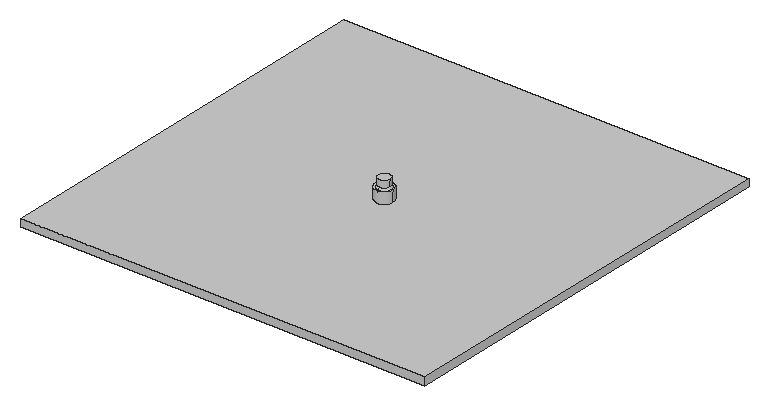
Revit family "SG0086523061CW", category Aparatos sanitarios, Revit 2019 (continued)
Forms (mm)
  Extrusion 1453, solid, material "Bronce" <- "Bronce"
    sketch origin (275, -575, 2438.4) x (1, 0, 0) y (0, 1, 0)
      loop
        circle (-375, 375) r 0.896
    from -53.558 to -53.305
  Extrusion 1454, solid, material "Bronce" <- "Bronce"
    sketch origin (261.097, -561.426, 2438.4) x (1, 0, 0) y (0, 1, 0)
      loop
        circle (-336.097, 361.426) r 1
    from -53.305 to -53
  Extrusion 1455, solid, material "Bronce" <- "Bronce"
    sketch origin (300, -575, 2438.4) x (1, 0, 0) y (0, 1, 0)
      loop
        circle (-375, 375) r 0.896
    from -53.558 to -53.305
  Extrusion 1456, solid, material "Bronce" <- "Bronce"
    sketch origin (286.097, -561.426, 2438.4) x (1, 0, 0) y (0, 1, 0)
      loop
        circle (-336.097, 361.426) r 1
    from -53.305 to -53
  Extrusion 1457, solid, material "Bronce" <- "Bronce"
    sketch origin (325, -575, 2438.4) x (1, 0, 0) y (0, 1, 0)
      loop
        circle (-375, 375) r 0.896
    from -53.558 to -53.305
  Extrusion 1458, solid, material "Bronce" <- "Bronce"
    sketch origin (311.097, -561.426, 2438.4) x (1, 0, 0) y (0, 1, 0)
      loop
        circle (-336.097, 361.426) r 1
    from -53.305 to -53
  Extrusion 1459, solid, material "Bronce" <- "Bronce"
    sketch origin (350, -575, 2438.4) x (1, 0, 0) y (0, 1, 0)
      loop
        circle (-375, 375) r 0.896
    from -53.558 to -53.305
  Extrusion 1460, solid, material "Bronce" <- "Bronce"
    sketch origin (336.097, -561.426, 2438.4) x (1, 0, 0) y (0, 1, 0)
      loop
        circle (-336.097, 361.426) r 1
    from -53.305 to -53
  Extrusion 1461, solid, material "Bronce" <- "Bronce"
    sketch origin (375, -575, 2438.4) x (1, 0, 0) y (0, 1, 0)
      loop
        circle (-375, 375) r 0.896
    from -53.558 to -53.305
  Extrusion 1462, solid, material "Bronce" <- "Bronce"
    sketch origin (361.097, -561.426, 2438.4) x (1, 0, 0) y (0, 1, 0)
      loop
        circle (-336.097, 361.426) r 1
    from -53.305 to -53
  Extrusion 1463, solid, material "Bronce" <- "Bronce"
    sketch origin (400, -575, 2438.4) x (1, 0, 0) y (0, 1, 0)
      loop
        circle (-375, 375) r 0.896
    from -53.558 to -53.305
  Extrusion 1464, solid, material "Bronce" <- "Bronce"
    sketch origin (386.097, -561.426, 2438.4) x (1, 0, 0) y (0, 1, 0)
      loop
        circle (-336.097, 361.426) r 1
    from -53.305 to -53
  Extrusion 1465, solid, material "Bronce" <- "Bronce"
    sketch origin (425, -575, 2438.4) x (1, 0, 0) y (0, 1, 0)
      loop
        circle (-375, 375) r 0.896
    from -53.558 to -53.305
  Extrusion 1466, solid, material "Bronce" <- "Bronce"
    sketch origin (411.097, -561.426, 2438.4) x (1, 0, 0) y (0, 1, 0)
      loop
        circle (-336.097, 361.426) r 1
    from -53.305 to -53
  Extrusion 1467, solid, material "Bronce" <- "Bronce"
    sketch origin (450, -575, 2438.4) x (1, 0, 0) y (0, 1, 0)
      loop
        circle (-375, 375) r 0.896
    from -53.558 to -53.305
  Extrusion 1468, solid, material "Bronce" <- "Bronce"
    sketch origin (436.097, -561.426, 2438.4) x (1, 0, 0) y (0, 1, 0)
      loop
        circle (-336.097, 361.426) r 1
    from -53.305 to -53
  Extrusion 1469, solid, material "Bronce" <- "Bronce"
    sketch origin (475, -575, 2438.4) x (1, 0, 0) y (0, 1, 0)
      loop
        circle (-375, 375) r 0.896
    from -53.558 to -53.305
  Extrusion 1470, solid, material "Bronce" <- "Bronce"
    sketch origin (461.097, -561.426, 2438.4) x (1, 0, 0) y (0, 1, 0)
      loop
        circle (-336.097, 361.426) r 1
    from -53.305 to -53
  Extrusion 1471, solid, material "Bronce" <- "Bronce"
    sketch origin (500, -575, 2438.4) x (1, 0, 0) y (0, 1, 0)
      loop
        circle (-375, 375) r 0.896
    from -53.558 to -53.305
  Extrusion 1472, solid, material "Bronce" <- "Bronce"
    sketch origin (486.097, -561.426, 2438.4) x (1, 0, 0) y (0, 1, 0)
      loop
        circle (-336.097, 361.426) r 1
    from -53.305 to -53
  Extrusion 1473, solid, material "Bronce" <- "Bronce"
    sketch origin (525, -575, 2438.4) x (1, 0, 0) y (0, 1, 0)
      loop
        circle (-375, 375) r 0.896
    from -53.558 to -53.305
  Extrusion 1474, solid, material "Bronce" <- "Bronce"
    sketch origin (511.097, -561.426, 2438.4) x (1, 0, 0) y (0, 1, 0)
      loop
        circle (-336.097, 361.426) r 1
    from -53.305 to -53
  Extrusion 1475, solid, material "Bronce" <- "Bronce"
    sketch origin (550, -575, 2438.4) x (1, 0, 0) y (0, 1, 0)
      loop
        circle (-375, 375) r 0.896
    from -53.558 to -53.305
  Extrusion 1476, solid, material "Bronce" <- "Bronce"
    sketch origin (536.097, -561.426, 2438.4) x (1, 0, 0) y (0, 1, 0)
      loop
        circle (-336.097, 361.426) r 1
    from -53.305 to -53
  Extrusion 1477, solid, material "Bronce" <- "Bronce"
    sketch origin (575, -575, 2438.4) x (1, 0, 0) y (0, 1, 0)
      loop
        circle (-375, 375) r 0.896
    from -53.558 to -53.305
  Extrusion 1478, solid, material "Bronce" <- "Bronce"
    sketch origin (561.097, -561.426, 2438.4) x (1, 0, 0) y (0, 1, 0)
      loop
        circle (-336.097, 361.426) r 1
    from -53.305 to -53
  Extrusion 1479, solid, material "Bronce" <- "Bronce"
    sketch origin (600, -575, 2438.4) x (1, 0, 0) y (0, 1, 0)
      loop
        circle (-375, 375) r 0.896
    from -53.558 to -53.305
  Extrusion 1480, solid, material "Bronce" <- "Bronce"
    sketch origin (586.097, -561.426, 2438.4) x (1, 0, 0) y (0, 1, 0)
      loop
        circle (-336.097, 361.426) r 1
    from -53.305 to -53
  Extrusion 1481, solid, material "Bronce" <- "Bronce"
    sketch origin (625, -575, 2438.4) x (1, 0, 0) y (0, 1, 0)
      loop
        circle (-375, 375) r 0.896
    from -53.558 to -53.305
  Extrusion 1482, solid, material "Bronce" <- "Bronce"
    sketch origin (611.097, -561.426, 2438.4) x (1, 0, 0) y (0, 1, 0)
      loop
        circle (-336.097, 361.426) r 1
    from -53.305 to -53
  Extrusion 1483, solid, material "Bronce" <- "Bronce"
    sketch origin (650, -575, 2438.4) x (1, 0, 0) y (0, 1, 0)
      loop
        circle (-375, 375) r 0.896
    from -53.558 to -53.305
  Extrusion 1484, solid, material "Bronce" <- "Bronce"
    sketch origin (636.097, -561.426, 2438.4) x (1, 0, 0) y (0, 1, 0)
      loop
        circle (-336.097, 361.426) r 1
    from -53.305 to -53
  Extrusion 1485, solid, material "Bronce" <- "Bronce"
    sketch origin (675, -575, 2438.4) x (1, 0, 0) y (0, 1, 0)
      loop
        circle (-375, 375) r 0.896
    from -53.558 to -53.305
  Extrusion 1486, solid, material "Bronce" <- "Bronce"
    sketch origin (661.097, -561.426, 2438.4) x (1, 0, 0) y (0, 1, 0)
      loop
        circle (-336.097, 361.426) r 1
    from -53.305 to -53
  Extrusion 1487, solid, material "Bronce" <- "Bronce"
    sketch origin (700, -575, 2438.4) x (1, 0, 0) y (0, 1, 0)
      loop
        circle (-375, 375) r 0.896
    from -53.558 to -53.305
  Extrusion 1488, solid, material "Bronce" <- "Bronce"
    sketch origin (686.097, -561.426, 2438.4) x (1, 0, 0) y (0, 1, 0)
      loop
        circle (-336.097, 361.426) r 1
    from -53.305 to -53
  Extrusion 1489, solid, material "Bronce" <- "Bronce"
    sketch origin (725, -575, 2438.4) x (1, 0, 0) y (0, 1, 0)
      loop
        circle (-375, 375) r 0.896
    from -53.558 to -53.305
  Extrusion 1490, solid, material "Bronce" <- "Bronce"
    sketch origin (711.097, -561.426, 2438.4) x (1, 0, 0) y (0, 1, 0)
      loop
        circle (-336.097, 361.426) r 1
    from -53.305 to -53
  Extrusion 1491, solid, material "Bronce" <- "Bronce"
    sketch origin (750, -575, 2438.4) x (1, 0, 0) y (0, 1, 0)
      loop
        circle (-375, 375) r 0.896
    from -53.558 to -53.305
  Extrusion 1492, solid, material "Bronce" <- "Bronce"
    sketch origin (-38.903, -586.426, 2438.4) x (1, 0, 0) y (0, 1, 0)
      loop
        circle (-336.097, 361.426) r 1
    from -53.305 to -53
  Extrusion 1493, solid, material "Bronce" <- "Bronce"
    sketch origin (0, -600, 2438.4) x (1, 0, 0) y (0, 1, 0)
      loop
        circle (-375, 375) r 0.896
    from -53.558 to -53.305
  Extrusion 1494, solid, material "Bronce" <- "Bronce"
    sketch origin (-13.903, -586.426, 2438.4) x (1, 0, 0) y (0, 1, 0)
      loop
        circle (-336.097, 361.426) r 1
    from -53.305 to -53
  Extrusion 1495, solid, material "Bronce" <- "Bronce"
    sketch origin (25, -600, 2438.4) x (1, 0, 0) y (0, 1, 0)
      loop
        circle (-375, 375) r 0.896
    from -53.558 to -53.305
  Extrusion 1496, solid, material "Bronce" <- "Bronce"
    sketch origin (11.097, -586.426, 2438.4) x (1, 0, 0) y (0, 1, 0)
      loop
        circle (-336.097, 361.426) r 1
    from -53.305 to -53
  Extrusion 1497, solid, material "Bronce" <- "Bronce"
    sketch origin (50, -600, 2438.4) x (1, 0, 0) y (0, 1, 0)
      loop
        circle (-375, 375) r 0.896
    from -53.558 to -53.305
  Extrusion 1498, solid, material "Bronce" <- "Bronce"
    sketch origin (36.097, -586.426, 2438.4) x (1, 0, 0) y (0, 1, 0)
      loop
        circle (-336.097, 361.426) r 1
    from -53.305 to -53
  Extrusion 1499, solid, material "Bronce" <- "Bronce"
    sketch origin (75, -600, 2438.4) x (1, 0, 0) y (0, 1, 0)
      loop
        circle (-375, 375) r 0.896
    from -53.558 to -53.305
  Extrusion 1500, solid, material "Bronce" <- "Bronce"
    sketch origin (61.097, -586.426, 2438.4) x (1, 0, 0) y (0, 1, 0)
      loop
        circle (-336.097, 361.426) r 1
    from -53.305 to -53
  Extrusion 1501, solid, material "Bronce" <- "Bronce"
    sketch origin (100, -600, 2438.4) x (1, 0, 0) y (0, 1, 0)
      loop
        circle (-375, 375) r 0.896
    from -53.558 to -53.305
  Extrusion 1502, solid, material "Bronce" <- "Bronce"
    sketch origin (86.097, -586.426, 2438.4) x (1, 0, 0) y (0, 1, 0)
      loop
        circle (-336.097, 361.426) r 1
    from -53.305 to -53
  Extrusion 1503, solid, material "Bronce" <- "Bronce"
    sketch origin (125, -600, 2438.4) x (1, 0, 0) y (0, 1, 0)
      loop
        circle (-375, 375) r 0.896
    from -53.558 to -53.305
  Extrusion 1504, solid, material "Bronce" <- "Bronce"
    sketch origin (111.097, -586.426, 2438.4) x (1, 0, 0) y (0, 1, 0)
      loop
        circle (-336.097, 361.426) r 1
    from -53.305 to -53
  Extrusion 1505, solid, material "Bronce" <- "Bronce"
    sketch origin (150, -600, 2438.4) x (1, 0, 0) y (0, 1, 0)
      loop
        circle (-375, 375) r 0.896
    from -53.558 to -53.305
  Extrusion 1506, solid, material "Bronce" <- "Bronce"
    sketch origin (136.097, -586.426, 2438.4) x (1, 0, 0) y (0, 1, 0)
      loop
        circle (-336.097, 361.426) r 1
    from -53.305 to -53
  Extrusion 1507, solid, material "Bronce" <- "Bronce"
    sketch origin (175, -600, 2438.4) x (1, 0, 0) y (0, 1, 0)
      loop
        circle (-375, 375) r 0.896
    from -53.558 to -53.305
  Extrusion 1508, solid, material "Bronce" <- "Bronce"
    sketch origin (161.097, -586.426, 2438.4) x (1, 0, 0) y (0, 1, 0)
      loop
        circle (-336.097, 361.426) r 1
    from -53.305 to -53
  Extrusion 1509, solid, material "Bronce" <- "Bronce"
    sketch origin (200, -600, 2438.4) x (1, 0, 0) y (0, 1, 0)
      loop
        circle (-375, 375) r 0.896
    from -53.558 to -53.305
  Extrusion 1510, solid, material "Bronce" <- "Bronce"
    sketch origin (186.097, -586.426, 2438.4) x (1, 0, 0) y (0, 1, 0)
      loop
        circle (-336.097, 361.426) r 1
    from -53.305 to -53
  Extrusion 1511, solid, material "Bronce" <- "Bronce"
    sketch origin (225, -600, 2438.4) x (1, 0, 0) y (0, 1, 0)
      loop
        circle (-375, 375) r 0.896
    from -53.558 to -53.305
  Extrusion 1512, solid, material "Bronce" <- "Bronce"
    sketch origin (211.097, -586.426, 2438.4) x (1, 0, 0) y (0, 1, 0)
      loop
        circle (-336.097, 361.426) r 1
    from -53.305 to -53
  Extrusion 1513, solid, material "Bronce" <- "Bronce"
    sketch origin (250, -600, 2438.4) x (1, 0, 0) y (0, 1, 0)
      loop
        circle (-375, 375) r 0.896
    from -53.558 to -53.305
  Extrusion 1514, solid, material "Bronce" <- "Bronce"
    sketch origin (236.097, -586.426, 2438.4) x (1, 0, 0) y (0, 1, 0)
      loop
        circle (-336.097, 361.426) r 1
    from -53.305 to -53
  Extrusion 1515, solid, material "Bronce" <- "Bronce"
    sketch origin (275, -600, 2438.4) x (1, 0, 0) y (0, 1, 0)
      loop
        circle (-375, 375) r 0.896
    from -53.558 to -53.305
  Extrusion 1516, solid, material "Bronce" <- "Bronce"
    sketch origin (261.097, -586.426, 2438.4) x (1, 0, 0) y (0, 1, 0)
      loop
        circle (-336.097, 361.426) r 1
    from -53.305 to -53
  Extrusion 1517, solid, material "Bronce" <- "Bronce"
    sketch origin (300, -600, 2438.4) x (1, 0, 0) y (0, 1, 0)
      loop
        circle (-375, 375) r 0.896
    from -53.558 to -53.305
  Extrusion 1518, solid, material "Bronce" <- "Bronce"
    sketch origin (286.097, -586.426, 2438.4) x (1, 0, 0) y (0, 1, 0)
      loop
        circle (-336.097, 361.426) r 1
    from -53.305 to -53
  Extrusion 1519, solid, material "Bronce" <- "Bronce"
    sketch origin (325, -600, 2438.4) x (1, 0, 0) y (0, 1, 0)
      loop
        circle (-375, 375) r 0.896
    from -53.558 to -53.305
  Extrusion 1520, solid, material "Bronce" <- "Bronce"
    sketch origin (311.097, -586.426, 2438.4) x (1, 0, 0) y (0, 1, 0)
      loop
        circle (-336.097, 361.426) r 1
    from -53.305 to -53
  Extrusion 1521, solid, material "Bronce" <- "Bronce"
    sketch origin (350, -600, 2438.4) x (1, 0, 0) y (0, 1, 0)
      loop
        circle (-375, 375) r 0.896
    from -53.558 to -53.305
  Extrusion 1522, solid, material "Bronce" <- "Bronce"
    sketch origin (336.097, -586.426, 2438.4) x (1, 0, 0) y (0, 1, 0)
      loop
        circle (-336.097, 361.426) r 1
    from -53.305 to -53
  Extrusion 1523, solid, material "Bronce" <- "Bronce"
    sketch origin (375, -600, 2438.4) x (1, 0, 0) y (0, 1, 0)
      loop
        circle (-375, 375) r 0.896
    from -53.558 to -53.305
  Extrusion 1524, solid, material "Bronce" <- "Bronce"
    sketch origin (361.097, -586.426, 2438.4) x (1, 0, 0) y (0, 1, 0)
      loop
        circle (-336.097, 361.426) r 1
    from -53.305 to -53
  Extrusion 1525, solid, material "Bronce" <- "Bronce"
    sketch origin (400, -600, 2438.4) x (1, 0, 0) y (0, 1, 0)
      loop
        circle (-375, 375) r 0.896
    from -53.558 to -53.305
  Extrusion 1526, solid, material "Bronce" <- "Bronce"
    sketch origin (386.097, -586.426, 2438.4) x (1, 0, 0) y (0, 1, 0)
      loop
        circle (-336.097, 361.426) r 1
    from -53.305 to -53
  Extrusion 1527, solid, material "Bronce" <- "Bronce"
    sketch origin (425, -600, 2438.4) x (1, 0, 0) y (0, 1, 0)
      loop
        circle (-375, 375) r 0.896
    from -53.558 to -53.305
  Extrusion 1528, solid, material "Bronce" <- "Bronce"
    sketch origin (411.097, -586.426, 2438.4) x (1, 0, 0) y (0, 1, 0)
      loop
        circle (-336.097, 361.426) r 1
    from -53.305 to -53
  Extrusion 1529, solid, material "Bronce" <- "Bronce"
    sketch origin (450, -600, 2438.4) x (1, 0, 0) y (0, 1, 0)
      loop
        circle (-375, 375) r 0.896
    from -53.558 to -53.305
  Extrusion 1530, solid, material "Bronce" <- "Bronce"
    sketch origin (436.097, -586.426, 2438.4) x (1, 0, 0) y (0, 1, 0)
      loop
        circle (-336.097, 361.426) r 1
    from -53.305 to -53
  Extrusion 1531, solid, material "Bronce" <- "Bronce"
    sketch origin (475, -600, 2438.4) x (1, 0, 0) y (0, 1, 0)
      loop
        circle (-375, 375) r 0.896
    from -53.558 to -53.305
  Extrusion 1532, solid, material "Bronce" <- "Bronce"
    sketch origin (461.097, -586.426, 2438.4) x (1, 0, 0) y (0, 1, 0)
      loop
        circle (-336.097, 361.426) r 1
    from -53.305 to -53
  Extrusion 1533, solid, material "Bronce" <- "Bronce"
    sketch origin (500, -600, 2438.4) x (1, 0, 0) y (0, 1, 0)
      loop
        circle (-375, 375) r 0.896
    from -53.558 to -53.305
  Extrusion 1534, solid, material "Bronce" <- "Bronce"
    sketch origin (486.097, -586.426, 2438.4) x (1, 0, 0) y (0, 1, 0)
      loop
        circle (-336.097, 361.426) r 1
    from -53.305 to -53
  Extrusion 1535, solid, material "Bronce" <- "Bronce"
    sketch origin (525, -600, 2438.4) x (1, 0, 0) y (0, 1, 0)
      loop
        circle (-375, 375) r 0.896
    from -53.558 to -53.305
  Extrusion 1536, solid, material "Bronce" <- "Bronce"
    sketch origin (511.097, -586.426, 2438.4) x (1, 0, 0) y (0, 1, 0)
      loop
        circle (-336.097, 361.426) r 1
    from -53.305 to -53
  Extrusion 1537, solid, material "Bronce" <- "Bronce"
    sketch origin (550, -600, 2438.4) x (1, 0, 0) y (0, 1, 0)
      loop
        circle (-375, 375) r 0.896
    from -53.558 to -53.305
  Extrusion 1538, solid, material "Bronce" <- "Bronce"
    sketch origin (536.097, -586.426, 2438.4) x (1, 0, 0) y (0, 1, 0)
      loop
        circle (-336.097, 361.426) r 1
    from -53.305 to -53
  Extrusion 1539, solid, material "Bronce" <- "Bronce"
    sketch origin (575, -600, 2438.4) x (1, 0, 0) y (0, 1, 0)
      loop
        circle (-375, 375) r 0.896
    from -53.558 to -53.305
  Extrusion 1540, solid, material "Bronce" <- "Bronce"
    sketch origin (561.097, -586.426, 2438.4) x (1, 0, 0) y (0, 1, 0)
      loop
        circle (-336.097, 361.426) r 1
    from -53.305 to -53
  Extrusion 1541, solid, material "Bronce" <- "Bronce"
    sketch origin (600, -600, 2438.4) x (1, 0, 0) y (0, 1, 0)
      loop
        circle (-375, 375) r 0.896
    from -53.558 to -53.305
  Extrusion 1542, solid, material "Bronce" <- "Bronce"
    sketch origin (586.097, -586.426, 2438.4) x (1, 0, 0) y (0, 1, 0)
      loop
        circle (-336.097, 361.426) r 1
    from -53.305 to -53
  Extrusion 1543, solid, material "Bronce" <- "Bronce"
    sketch origin (625, -600, 2438.4) x (1, 0, 0) y (0, 1, 0)
      loop
        circle (-375, 375) r 0.896
    from -53.558 to -53.305
  Extrusion 1544, solid, material "Bronce" <- "Bronce"
    sketch origin (611.097, -586.426, 2438.4) x (1, 0, 0) y (0, 1, 0)
      loop
        circle (-336.097, 361.426) r 1
    from -53.305 to -53
  Extrusion 1545, solid, material "Bronce" <- "Bronce"
    sketch origin (650, -600, 2438.4) x (1, 0, 0) y (0, 1, 0)
      loop
        circle (-375, 375) r 0.896
    from -53.558 to -53.305
  Extrusion 1546, solid, material "Bronce" <- "Bronce"
    sketch origin (636.097, -586.426, 2438.4) x (1, 0, 0) y (0, 1, 0)
      loop
        circle (-336.097, 361.426) r 1
    from -53.305 to -53
  Extrusion 1547, solid, material "Bronce" <- "Bronce"
    sketch origin (675, -600, 2438.4) x (1, 0, 0) y (0, 1, 0)
      loop
        circle (-375, 375) r 0.896
    from -53.558 to -53.305
  Extrusion 1548, solid, material "Bronce" <- "Bronce"
    sketch origin (661.097, -586.426, 2438.4) x (1, 0, 0) y (0, 1, 0)
      loop
        circle (-336.097, 361.426) r 1
    from -53.305 to -53
  Extrusion 1549, solid, material "Bronce" <- "Bronce"
    sketch origin (700, -600, 2438.4) x (1, 0, 0) y (0, 1, 0)
      loop
        circle (-375, 375) r 0.896
    from -53.558 to -53.305
  Extrusion 1550, solid, material "Bronce" <- "Bronce"
    sketch origin (686.097, -586.426, 2438.4) x (1, 0, 0) y (0, 1, 0)
      loop
        circle (-336.097, 361.426) r 1
    from -53.305 to -53
  Extrusion 1551, solid, material "Bronce" <- "Bronce"
    sketch origin (725, -600, 2438.4) x (1, 0, 0) y (0, 1, 0)
      loop
        circle (-375, 375) r 0.896
    from -53.558 to -53.305
  Extrusion 1552, solid, material "Bronce" <- "Bronce"
    sketch origin (711.097, -586.426, 2438.4) x (1, 0, 0) y (0, 1, 0)
      loop
        circle (-336.097, 361.426) r 1
    from -53.305 to -53
  Extrusion 1553, solid, material "Bronce" <- "Bronce"
    sketch origin (750, -600, 2438.4) x (1, 0, 0) y (0, 1, 0)
      loop
        circle (-375, 375) r 0.896
    from -53.558 to -53.305
  Extrusion 1554, solid, material "Bronce" <- "Bronce"
    sketch origin (-38.903, -611.426, 2438.4) x (1, 0, 0) y (0, 1, 0)
      loop
        circle (-336.097, 361.426) r 1
    from -53.305 to -53
  Extrusion 1555, solid, material "Bronce" <- "Bronce"
    sketch origin (0, -625, 2438.4) x (1, 0, 0) y (0, 1, 0)
      loop
        circle (-375, 375) r 0.896
    from -53.558 to -53.305
  Extrusion 1556, solid, material "Bronce" <- "Bronce"
    sketch origin (-13.903, -611.426, 2438.4) x (1, 0, 0) y (0, 1, 0)
      loop
        circle (-336.097, 361.426) r 1
    from -53.305 to -53
  Extrusion 1557, solid, material "Bronce" <- "Bronce"
    sketch origin (25, -625, 2438.4) x (1, 0, 0) y (0, 1, 0)
      loop
        circle (-375, 375) r 0.896
    from -53.558 to -53.305
  Extrusion 1558, solid, material "Bronce" <- "Bronce"
    sketch origin (11.097, -611.426, 2438.4) x (1, 0, 0) y (0, 1, 0)
      loop
        circle (-336.097, 361.426) r 1
    from -53.305 to -53
  Extrusion 1559, solid, material "Bronce" <- "Bronce"
    sketch origin (50, -625, 2438.4) x (1, 0, 0) y (0, 1, 0)
      loop
        circle (-375, 375) r 0.896
    from -53.558 to -53.305
  Extrusion 1560, solid, material "Bronce" <- "Bronce"
    sketch origin (36.097, -611.426, 2438.4) x (1, 0, 0) y (0, 1, 0)
      loop
        circle (-336.097, 361.426) r 1
    from -53.305 to -53
  Extrusion 1561, solid, material "Bronce" <- "Bronce"
    sketch origin (75, -625, 2438.4) x (1, 0, 0) y (0, 1, 0)
      loop
        circle (-375, 375) r 0.896
    from -53.558 to -53.305
  Extrusion 1562, solid, material "Bronce" <- "Bronce"
    sketch origin (61.097, -611.426, 2438.4) x (1, 0, 0) y (0, 1, 0)
      loop
        circle (-336.097, 361.426) r 1
    from -53.305 to -53
  Extrusion 1563, solid, material "Bronce" <- "Bronce"
    sketch origin (100, -625, 2438.4) x (1, 0, 0) y (0, 1, 0)
      loop
        circle (-375, 375) r 0.896
    from -53.558 to -53.305
  Extrusion 1564, solid, material "Bronce" <- "Bronce"
    sketch origin (86.097, -611.426, 2438.4) x (1, 0, 0) y (0, 1, 0)
      loop
        circle (-336.097, 361.426) r 1
    from -53.305 to -53
  Extrusion 1565, solid, material "Bronce" <- "Bronce"
    sketch origin (125, -625, 2438.4) x (1, 0, 0) y (0, 1, 0)
      loop
        circle (-375, 375) r 0.896
    from -53.558 to -53.305
  Extrusion 1566, solid, material "Bronce" <- "Bronce"
    sketch origin (111.097, -611.426, 2438.4) x (1, 0, 0) y (0, 1, 0)
      loop
        circle (-336.097, 361.426) r 1
    from -53.305 to -53
  Extrusion 1567, solid, material "Bronce" <- "Bronce"
    sketch origin (150, -625, 2438.4) x (1, 0, 0) y (0, 1, 0)
      loop
        circle (-375, 375) r 0.896
    from -53.558 to -53.305
  Extrusion 1568, solid, material "Bronce" <- "Bronce"
    sketch origin (136.097, -611.426, 2438.4) x (1, 0, 0) y (0, 1, 0)
      loop
        circle (-336.097, 361.426) r 1
    from -53.305 to -53
  Extrusion 1569, solid, material "Bronce" <- "Bronce"
    sketch origin (175, -625, 2438.4) x (1, 0, 0) y (0, 1, 0)
      loop
        circle (-375, 375) r 0.896
    from -53.558 to -53.305
  Extrusion 1570, solid, material "Bronce" <- "Bronce"
    sketch origin (161.097, -611.426, 2438.4) x (1, 0, 0) y (0, 1, 0)
      loop
        circle (-336.097, 361.426) r 1
    from -53.305 to -53
  Extrusion 1571, solid, material "Bronce" <- "Bronce"
    sketch origin (200, -625, 2438.4) x (1, 0, 0) y (0, 1, 0)
      loop
        circle (-375, 375) r 0.896
    from -53.558 to -53.305
  Extrusion 1572, solid, material "Bronce" <- "Bronce"
    sketch origin (186.097, -611.426, 2438.4) x (1, 0, 0) y (0, 1, 0)
      loop
        circle (-336.097, 361.426) r 1
    from -53.305 to -53
  Extrusion 1573, solid, material "Bronce" <- "Bronce"
    sketch origin (225, -625, 2438.4) x (1, 0, 0) y (0, 1, 0)
      loop
        circle (-375, 375) r 0.896
    from -53.558 to -53.305
  Extrusion 1574, solid, material "Bronce" <- "Bronce"
    sketch origin (211.097, -611.426, 2438.4) x (1, 0, 0) y (0, 1, 0)
      loop
        circle (-336.097, 361.426) r 1
    from -53.305 to -53
  Extrusion 1575, solid, material "Bronce" <- "Bronce"
    sketch origin (250, -625, 2438.4) x (1, 0, 0) y (0, 1, 0)
      loop
        circle (-375, 375) r 0.896
    from -53.558 to -53.305
  Extrusion 1576, solid, material "Bronce" <- "Bronce"
    sketch origin (236.097, -611.426, 2438.4) x (1, 0, 0) y (0, 1, 0)
      loop
        circle (-336.097, 361.426) r 1
    from -53.305 to -53
  Extrusion 1577, solid, material "Bronce" <- "Bronce"
    sketch origin (275, -625, 2438.4) x (1, 0, 0) y (0, 1, 0)
      loop
        circle (-375, 375) r 0.896
    from -53.558 to -53.305
  Extrusion 1578, solid, material "Bronce" <- "Bronce"
    sketch origin (261.097, -611.426, 2438.4) x (1, 0, 0) y (0, 1, 0)
      loop
        circle (-336.097, 361.426) r 1
    from -53.305 to -53
  Extrusion 1579, solid, material "Bronce" <- "Bronce"
    sketch origin (300, -625, 2438.4) x (1, 0, 0) y (0, 1, 0)
      loop
        circle (-375, 375) r 0.896
    from -53.558 to -53.305
  Extrusion 1580, solid, material "Bronce" <- "Bronce"
    sketch origin (286.097, -611.426, 2438.4) x (1, 0, 0) y (0, 1, 0)
      loop
        circle (-336.097, 361.426) r 1
    from -53.305 to -53
  Extrusion 1581, solid, material "Bronce" <- "Bronce"
    sketch origin (325, -625, 2438.4) x (1, 0, 0) y (0, 1, 0)
      loop
        circle (-375, 375) r 0.896
    from -53.558 to -53.305
  Extrusion 1582, solid, material "Bronce" <- "Bronce"
    sketch origin (311.097, -611.426, 2438.4) x (1, 0, 0) y (0, 1, 0)
      loop
        circle (-336.097, 361.426) r 1
    from -53.305 to -53
  Extrusion 1583, solid, material "Bronce" <- "Bronce"
    sketch origin (350, -625, 2438.4) x (1, 0, 0) y (0, 1, 0)
      loop
        circle (-375, 375) r 0.896
    from -53.558 to -53.305
  Extrusion 1584, solid, material "Bronce" <- "Bronce"
    sketch origin (336.097, -611.426, 2438.4) x (1, 0, 0) y (0, 1, 0)
      loop
        circle (-336.097, 361.426) r 1
    from -53.305 to -53
  Extrusion 1585, solid, material "Bronce" <- "Bronce"
    sketch origin (375, -625, 2438.4) x (1, 0, 0) y (0, 1, 0)
      loop
        circle (-375, 375) r 0.896
    from -53.558 to -53.305
  Extrusion 1586, solid, material "Bronce" <- "Bronce"
    sketch origin (361.097, -611.426, 2438.4) x (1, 0, 0) y (0, 1, 0)
      loop
        circle (-336.097, 361.426) r 1
    from -53.305 to -53
  Extrusion 1587, solid, material "Bronce" <- "Bronce"
    sketch origin (400, -625, 2438.4) x (1, 0, 0) y (0, 1, 0)
      loop
        circle (-375, 375) r 0.896
    from -53.558 to -53.305
  Extrusion 1588, solid, material "Bronce" <- "Bronce"
    sketch origin (386.097, -611.426, 2438.4) x (1, 0, 0) y (0, 1, 0)
      loop
        circle (-336.097, 361.426) r 1
    from -53.305 to -53
  Extrusion 1589, solid, material "Bronce" <- "Bronce"
    sketch origin (425, -625, 2438.4) x (1, 0, 0) y (0, 1, 0)
      loop
        circle (-375, 375) r 0.896
    from -53.558 to -53.305
  Extrusion 1590, solid, material "Bronce" <- "Bronce"
    sketch origin (411.097, -611.426, 2438.4) x (1, 0, 0) y (0, 1, 0)
      loop
        circle (-336.097, 361.426) r 1
    from -53.305 to -53
  Extrusion 1591, solid, material "Bronce" <- "Bronce"
    sketch origin (450, -625, 2438.4) x (1, 0, 0) y (0, 1, 0)
      loop
        circle (-375, 375) r 0.896
    from -53.558 to -53.305
  Extrusion 1592, solid, material "Bronce" <- "Bronce"
    sketch origin (436.097, -611.426, 2438.4) x (1, 0, 0) y (0, 1, 0)
      loop
        circle (-336.097, 361.426) r 1
    from -53.305 to -53
  Extrusion 1593, solid, material "Bronce" <- "Bronce"
    sketch origin (475, -625, 2438.4) x (1, 0, 0) y (0, 1, 0)
      loop
        circle (-375, 375) r 0.896
    from -53.558 to -53.305
  Extrusion 1594, solid, material "Bronce" <- "Bronce"
    sketch origin (461.097, -611.426, 2438.4) x (1, 0, 0) y (0, 1, 0)
      loop
        circle (-336.097, 361.426) r 1
    from -53.305 to -53
  Extrusion 1595, solid, material "Bronce" <- "Bronce"
    sketch origin (500, -625, 2438.4) x (1, 0, 0) y (0, 1, 0)
      loop
        circle (-375, 375) r 0.896
    from -53.558 to -53.305
  Extrusion 1596, solid, material "Bronce" <- "Bronce"
    sketch origin (486.097, -611.426, 2438.4) x (1, 0, 0) y (0, 1, 0)
      loop
        circle (-336.097, 361.426) r 1
    from -53.305 to -53
  Extrusion 1597, solid, material "Bronce" <- "Bronce"
    sketch origin (525, -625, 2438.4) x (1, 0, 0) y (0, 1, 0)
      loop
        circle (-375, 375) r 0.896
    from -53.558 to -53.305
  Extrusion 1598, solid, material "Bronce" <- "Bronce"
    sketch origin (511.097, -611.426, 2438.4) x (1, 0, 0) y (0, 1, 0)
      loop
        circle (-336.097, 361.426) r 1
    from -53.305 to -53
  Extrusion 1599, solid, material "Bronce" <- "Bronce"
    sketch origin (550, -625, 2438.4) x (1, 0, 0) y (0, 1, 0)
      loop
        circle (-375, 375) r 0.896
    from -53.558 to -53.305
  Extrusion 1600, solid, material "Bronce" <- "Bronce"
    sketch origin (536.097, -611.426, 2438.4) x (1, 0, 0) y (0, 1, 0)
      loop
        circle (-336.097, 361.426) r 1
    from -53.305 to -53
  Extrusion 1601, solid, material "Bronce" <- "Bronce"
    sketch origin (575, -625, 2438.4) x (1, 0, 0) y (0, 1, 0)
      loop
        circle (-375, 375) r 0.896
    from -53.558 to -53.305
  Extrusion 1602, solid, material "Bronce" <- "Bronce"
    sketch origin (561.097, -611.426, 2438.4) x (1, 0, 0) y (0, 1, 0)
      loop
        circle (-336.097, 361.426) r 1
    from -53.305 to -53
  Extrusion 1603, solid, material "Bronce" <- "Bronce"
    sketch origin (600, -625, 2438.4) x (1, 0, 0) y (0, 1, 0)
      loop
        circle (-375, 375) r 0.896
    from -53.558 to -53.305
  Extrusion 1604, solid, material "Bronce" <- "Bronce"
    sketch origin (586.097, -611.426, 2438.4) x (1, 0, 0) y (0, 1, 0)
      loop
        circle (-336.097, 361.426) r 1
    from -53.305 to -53
  Extrusion 1605, solid, material "Bronce" <- "Bronce"
    sketch origin (625, -625, 2438.4) x (1, 0, 0) y (0, 1, 0)
      loop
        circle (-375, 375) r 0.896
    from -53.558 to -53.305
  Extrusion 1606, solid, material "Bronce" <- "Bronce"
    sketch origin (611.097, -611.426, 2438.4) x (1, 0, 0) y (0, 1, 0)
      loop
        circle (-336.097, 361.426) r 1
    from -53.305 to -53
  Extrusion 1607, solid, material "Bronce" <- "Bronce"
    sketch origin (650, -625, 2438.4) x (1, 0, 0) y (0, 1, 0)
      loop
        circle (-375, 375) r 0.896
    from -53.558 to -53.305
  Extrusion 1608, solid, material "Bronce" <- "Bronce"
    sketch origin (636.097, -611.426, 2438.4) x (1, 0, 0) y (0, 1, 0)
      loop
        circle (-336.097, 361.426) r 1
    from -53.305 to -53
  Extrusion 1609, solid, material "Bronce" <- "Bronce"
    sketch origin (675, -625, 2438.4) x (1, 0, 0) y (0, 1, 0)
      loop
        circle (-375, 375) r 0.896
    from -53.558 to -53.305
  Extrusion 1610, solid, material "Bronce" <- "Bronce"
    sketch origin (661.097, -611.426, 2438.4) x (1, 0, 0) y (0, 1, 0)
      loop
        circle (-336.097, 361.426) r 1
    from -53.305 to -53
  Extrusion 1611, solid, material "Bronce" <- "Bronce"
    sketch origin (700, -625, 2438.4) x (1, 0, 0) y (0, 1, 0)
      loop
        circle (-375, 375) r 0.896
    from -53.558 to -53.305
  Extrusion 1612, solid, material "Bronce" <- "Bronce"
    sketch origin (686.097, -611.426, 2438.4) x (1, 0, 0) y (0, 1, 0)
      loop
        circle (-336.097, 361.426) r 1
    from -53.305 to -53
  Extrusion 1613, solid, material "Bronce" <- "Bronce"
    sketch origin (725, -625, 2438.4) x (1, 0, 0) y (0, 1, 0)
      loop
        circle (-375, 375) r 0.896
    from -53.558 to -53.305
  Extrusion 1614, solid, material "Bronce" <- "Bronce"
    sketch origin (711.097, -611.426, 2438.4) x (1, 0, 0) y (0, 1, 0)
      loop
        circle (-336.097, 361.426) r 1
    from -53.305 to -53
  Extrusion 1615, solid, material "Bronce" <- "Bronce"
    sketch origin (750, -625, 2438.4) x (1, 0, 0) y (0, 1, 0)
      loop
        circle (-375, 375) r 0.896
    from -53.558 to -53.305
  Extrusion 1616, solid, material "Bronce" <- "Bronce"
    sketch origin (-38.903, -636.426, 2438.4) x (1, 0, 0) y (0, 1, 0)
      loop
        circle (-336.097, 361.426) r 1
    from -53.305 to -53
  Extrusion 1617, solid, material "Bronce" <- "Bronce"
    sketch origin (0, -650, 2438.4) x (1, 0, 0) y (0, 1, 0)
      loop
        circle (-375, 375) r 0.896
    from -53.558 to -53.305
  Extrusion 1618, solid, material "Bronce" <- "Bronce"
    sketch origin (-13.903, -636.426, 2438.4) x (1, 0, 0) y (0, 1, 0)
      loop
        circle (-336.097, 361.426) r 1
    from -53.305 to -53
  Extrusion 1619, solid, material "Bronce" <- "Bronce"
    sketch origin (25, -650, 2438.4) x (1, 0, 0) y (0, 1, 0)
      loop
        circle (-375, 375) r 0.896
    from -53.558 to -53.305
  Extrusion 1620, solid, material "Bronce" <- "Bronce"
    sketch origin (11.097, -636.426, 2438.4) x (1, 0, 0) y (0, 1, 0)
      loop
        circle (-336.097, 361.426) r 1
    from -53.305 to -53
  Extrusion 1621, solid, material "Bronce" <- "Bronce"
    sketch origin (50, -650, 2438.4) x (1, 0, 0) y (0, 1, 0)
      loop
        circle (-375, 375) r 0.896
    from -53.558 to -53.305
  Extrusion 1622, solid, material "Bronce" <- "Bronce"
    sketch origin (36.097, -636.426, 2438.4) x (1, 0, 0) y (0, 1, 0)
      loop
        circle (-336.097, 361.426) r 1
    from -53.305 to -53
  Extrusion 1623, solid, material "Bronce" <- "Bronce"
    sketch origin (75, -650, 2438.4) x (1, 0, 0) y (0, 1, 0)
      loop
        circle (-375, 375) r 0.896
    from -53.558 to -53.305
  Extrusion 1624, solid, material "Bronce" <- "Bronce"
    sketch origin (61.097, -636.426, 2438.4) x (1, 0, 0) y (0, 1, 0)
      loop
        circle (-336.097, 361.426) r 1
    from -53.305 to -53
  Extrusion 1625, solid, material "Bronce" <- "Bronce"
    sketch origin (100, -650, 2438.4) x (1, 0, 0) y (0, 1, 0)
      loop
        circle (-375, 375) r 0.896
    from -53.558 to -53.305
  Extrusion 1626, solid, material "Bronce" <- "Bronce"
    sketch origin (86.097, -636.426, 2438.4) x (1, 0, 0) y (0, 1, 0)
      loop
        circle (-336.097, 361.426) r 1
    from -53.305 to -53
  Extrusion 1627, solid, material "Bronce" <- "Bronce"
    sketch origin (125, -650, 2438.4) x (1, 0, 0) y (0, 1, 0)
      loop
        circle (-375, 375) r 0.896
    from -53.558 to -53.305
  Extrusion 1628, solid, material "Bronce" <- "Bronce"
    sketch origin (111.097, -636.426, 2438.4) x (1, 0, 0) y (0, 1, 0)
      loop
        circle (-336.097, 361.426) r 1
    from -53.305 to -53
  Extrusion 1629, solid, material "Bronce" <- "Bronce"
    sketch origin (150, -650, 2438.4) x (1, 0, 0) y (0, 1, 0)
      loop
        circle (-375, 375) r 0.896
    from -53.558 to -53.305
  Extrusion 1630, solid, material "Bronce" <- "Bronce"
    sketch origin (136.097, -636.426, 2438.4) x (1, 0, 0) y (0, 1, 0)
      loop
        circle (-336.097, 361.426) r 1
    from -53.305 to -53
  Extrusion 1631, solid, material "Bronce" <- "Bronce"
    sketch origin (175, -650, 2438.4) x (1, 0, 0) y (0, 1, 0)
      loop
        circle (-375, 375) r 0.896
    from -53.558 to -53.305
  Extrusion 1632, solid, material "Bronce" <- "Bronce"
    sketch origin (161.097, -636.426, 2438.4) x (1, 0, 0) y (0, 1, 0)
      loop
        circle (-336.097, 361.426) r 1
    from -53.305 to -53
  Extrusion 1633, solid, material "Bronce" <- "Bronce"
    sketch origin (200, -650, 2438.4) x (1, 0, 0) y (0, 1, 0)
      loop
        circle (-375, 375) r 0.896
    from -53.558 to -53.305
  Extrusion 1634, solid, material "Bronce" <- "Bronce"
    sketch origin (186.097, -636.426, 2438.4) x (1, 0, 0) y (0, 1, 0)
      loop
        circle (-336.097, 361.426) r 1
    from -53.305 to -53
  Extrusion 1635, solid, material "Bronce" <- "Bronce"
    sketch origin (225, -650, 2438.4) x (1, 0, 0) y (0, 1, 0)
      loop
        circle (-375, 375) r 0.896
    from -53.558 to -53.305
  Extrusion 1636, solid, material "Bronce" <- "Bronce"
    sketch origin (211.097, -636.426, 2438.4) x (1, 0, 0) y (0, 1, 0)
      loop
        circle (-336.097, 361.426) r 1
    from -53.305 to -53
  Extrusion 1637, solid, material "Bronce" <- "Bronce"
    sketch origin (250, -650, 2438.4) x (1, 0, 0) y (0, 1, 0)
      loop
        circle (-375, 375) r 0.896
    from -53.558 to -53.305
  Extrusion 1638, solid, material "Bronce" <- "Bronce"
    sketch origin (236.097, -636.426, 2438.4) x (1, 0, 0) y (0, 1, 0)
      loop
        circle (-336.097, 361.426) r 1
    from -53.305 to -53
  Extrusion 1639, solid, material "Bronce" <- "Bronce"
    sketch origin (275, -650, 2438.4) x (1, 0, 0) y (0, 1, 0)
      loop
        circle (-375, 375) r 0.896
    from -53.558 to -53.305
  Extrusion 1640, solid, material "Bronce" <- "Bronce"
    sketch origin (261.097, -636.426, 2438.4) x (1, 0, 0) y (0, 1, 0)
      loop
        circle (-336.097, 361.426) r 1
    from -53.305 to -53
  Extrusion 1641, solid, material "Bronce" <- "Bronce"
    sketch origin (300, -650, 2438.4) x (1, 0, 0) y (0, 1, 0)
      loop
        circle (-375, 375) r 0.896
    from -53.558 to -53.305
  Extrusion 1642, solid, material "Bronce" <- "Bronce"
    sketch origin (286.097, -636.426, 2438.4) x (1, 0, 0) y (0, 1, 0)
      loop
        circle (-336.097, 361.426) r 1
    from -53.305 to -53
  Extrusion 1643, solid, material "Bronce" <- "Bronce"
    sketch origin (325, -650, 2438.4) x (1, 0, 0) y (0, 1, 0)
      loop
        circle (-375, 375) r 0.896
    from -53.558 to -53.305
  Extrusion 1644, solid, material "Bronce" <- "Bronce"
    sketch origin (311.097, -636.426, 2438.4) x (1, 0, 0) y (0, 1, 0)
      loop
        circle (-336.097, 361.426) r 1
    from -53.305 to -53
  Extrusion 1645, solid, material "Bronce" <- "Bronce"
    sketch origin (350, -650, 2438.4) x (1, 0, 0) y (0, 1, 0)
      loop
        circle (-375, 375) r 0.896
    from -53.558 to -53.305
  Extrusion 1646, solid, material "Bronce" <- "Bronce"
    sketch origin (336.097, -636.426, 2438.4) x (1, 0, 0) y (0, 1, 0)
      loop
        circle (-336.097, 361.426) r 1
    from -53.305 to -53
  Extrusion 1647, solid, material "Bronce" <- "Bronce"
    sketch origin (375, -650, 2438.4) x (1, 0, 0) y (0, 1, 0)
      loop
        circle (-375, 375) r 0.896
    from -53.558 to -53.305
  Extrusion 1648, solid, material "Bronce" <- "Bronce"
    sketch origin (361.097, -636.426, 2438.4) x (1, 0, 0) y (0, 1, 0)
      loop
        circle (-336.097, 361.426) r 1
    from -53.305 to -53
  Extrusion 1649, solid, material "Bronce" <- "Bronce"
    sketch origin (400, -650, 2438.4) x (1, 0, 0) y (0, 1, 0)
      loop
        circle (-375, 375) r 0.896
    from -53.558 to -53.305
  Extrusion 1650, solid, material "Bronce" <- "Bronce"
    sketch origin (386.097, -636.426, 2438.4) x (1, 0, 0) y (0, 1, 0)
      loop
        circle (-336.097, 361.426) r 1
    from -53.305 to -53
  Extrusion 1651, solid, material "Bronce" <- "Bronce"
    sketch origin (425, -650, 2438.4) x (1, 0, 0) y (0, 1, 0)
      loop
        circle (-375, 375) r 0.896
    from -53.558 to -53.305
  Extrusion 1652, solid, material "Bronce" <- "Bronce"
    sketch origin (411.097, -636.426, 2438.4) x (1, 0, 0) y (0, 1, 0)
      loop
        circle (-336.097, 361.426) r 1
    from -53.305 to -53
  Extrusion 1653, solid, material "Bronce" <- "Bronce"
    sketch origin (450, -650, 2438.4) x (1, 0, 0) y (0, 1, 0)
      loop
        circle (-375, 375) r 0.896
    from -53.558 to -53.305
  Extrusion 1654, solid, material "Bronce" <- "Bronce"
    sketch origin (436.097, -636.426, 2438.4) x (1, 0, 0) y (0, 1, 0)
      loop
        circle (-336.097, 361.426) r 1
    from -53.305 to -53
  Extrusion 1655, solid, material "Bronce" <- "Bronce"
    sketch origin (475, -650, 2438.4) x (1, 0, 0) y (0, 1, 0)
      loop
        circle (-375, 375) r 0.896
    from -53.558 to -53.305
  Extrusion 1656, solid, material "Bronce" <- "Bronce"
    sketch origin (461.097, -636.426, 2438.4) x (1, 0, 0) y (0, 1, 0)
      loop
        circle (-336.097, 361.426) r 1
    from -53.305 to -53
  Extrusion 1657, solid, material "Bronce" <- "Bronce"
    sketch origin (500, -650, 2438.4) x (1, 0, 0) y (0, 1, 0)
      loop
        circle (-375, 375) r 0.896
    from -53.558 to -53.305
  Extrusion 1658, solid, material "Bronce" <- "Bronce"
    sketch origin (486.097, -636.426, 2438.4) x (1, 0, 0) y (0, 1, 0)
      loop
        circle (-336.097, 361.426) r 1
    from -53.305 to -53
  Extrusion 1659, solid, material "Bronce" <- "Bronce"
    sketch origin (525, -650, 2438.4) x (1, 0, 0) y (0, 1, 0)
      loop
        circle (-375, 375) r 0.896
    from -53.558 to -53.305
  Extrusion 1660, solid, material "Bronce" <- "Bronce"
    sketch origin (511.097, -636.426, 2438.4) x (1, 0, 0) y (0, 1, 0)
      loop
        circle (-336.097, 361.426) r 1
    from -53.305 to -53
  Extrusion 1661, solid, material "Bronce" <- "Bronce"
    sketch origin (550, -650, 2438.4) x (1, 0, 0) y (0, 1, 0)
      loop
        circle (-375, 375) r 0.896
    from -53.558 to -53.305
  Extrusion 1662, solid, material "Bronce" <- "Bronce"
    sketch origin (536.097, -636.426, 2438.4) x (1, 0, 0) y (0, 1, 0)
      loop
        circle (-336.097, 361.426) r 1
    from -53.305 to -53
  Extrusion 1663, solid, material "Bronce" <- "Bronce"
    sketch origin (575, -650, 2438.4) x (1, 0, 0) y (0, 1, 0)
      loop
        circle (-375, 375) r 0.896
    from -53.558 to -53.305
  Extrusion 1664, solid, material "Bronce" <- "Bronce"
    sketch origin (561.097, -636.426, 2438.4) x (1, 0, 0) y (0, 1, 0)
      loop
        circle (-336.097, 361.426) r 1
    from -53.305 to -53
  Extrusion 1665, solid, material "Bronce" <- "Bronce"
    sketch origin (600, -650, 2438.4) x (1, 0, 0) y (0, 1, 0)
      loop
        circle (-375, 375) r 0.896
    from -53.558 to -53.305
  Extrusion 1666, solid, material "Bronce" <- "Bronce"
    sketch origin (586.097, -636.426, 2438.4) x (1, 0, 0) y (0, 1, 0)
      loop
        circle (-336.097, 361.426) r 1
    from -53.305 to -53
  Extrusion 1667, solid, material "Bronce" <- "Bronce"
    sketch origin (625, -650, 2438.4) x (1, 0, 0) y (0, 1, 0)
      loop
        circle (-375, 375) r 0.896
    from -53.558 to -53.305
  Extrusion 1668, solid, material "Bronce" <- "Bronce"
    sketch origin (611.097, -636.426, 2438.4) x (1, 0, 0) y (0, 1, 0)
      loop
        circle (-336.097, 361.426) r 1
    from -53.305 to -53
  Extrusion 1669, solid, material "Bronce" <- "Bronce"
    sketch origin (650, -650, 2438.4) x (1, 0, 0) y (0, 1, 0)
      loop
        circle (-375, 375) r 0.896
    from -53.558 to -53.305
  Extrusion 1670, solid, material "Bronce" <- "Bronce"
    sketch origin (636.097, -636.426, 2438.4) x (1, 0, 0) y (0, 1, 0)
      loop
        circle (-336.097, 361.426) r 1
    from -53.305 to -53
  Extrusion 1671, solid, material "Bronce" <- "Bronce"
    sketch origin (675, -650, 2438.4) x (1, 0, 0) y (0, 1, 0)
      loop
        circle (-375, 375) r 0.896
    from -53.558 to -53.305
  Extrusion 1672, solid, material "Bronce" <- "Bronce"
    sketch origin (661.097, -636.426, 2438.4) x (1, 0, 0) y (0, 1, 0)
      loop
        circle (-336.097, 361.426) r 1
    from -53.305 to -53
  Extrusion 1673, solid, material "Bronce" <- "Bronce"
    sketch origin (700, -650, 2438.4) x (1, 0, 0) y (0, 1, 0)
      loop
        circle (-375, 375) r 0.896
    from -53.558 to -53.305
  Extrusion 1674, solid, material "Bronce" <- "Bronce"
    sketch origin (686.097, -636.426, 2438.4) x (1, 0, 0) y (0, 1, 0)
      loop
        circle (-336.097, 361.426) r 1
    from -53.305 to -53
  Extrusion 1675, solid, material "Bronce" <- "Bronce"
    sketch origin (725, -650, 2438.4) x (1, 0, 0) y (0, 1, 0)
      loop
        circle (-375, 375) r 0.896
    from -53.558 to -53.305
  Extrusion 1676, solid, material "Bronce" <- "Bronce"
    sketch origin (711.097, -636.426, 2438.4) x (1, 0, 0) y (0, 1, 0)
      loop
        circle (-336.097, 361.426) r 1
    from -53.305 to -53
  Extrusion 1677, solid, material "Bronce" <- "Bronce"
    sketch origin (750, -650, 2438.4) x (1, 0, 0) y (0, 1, 0)
      loop
        circle (-375, 375) r 0.896
    from -53.558 to -53.305
  Extrusion 1678, solid, material "Bronce" <- "Bronce"
    sketch origin (-38.903, -661.426, 2438.4) x (1, 0, 0) y (0, 1, 0)
      loop
        circle (-336.097, 361.426) r 1
    from -53.305 to -53
  Extrusion 1679, solid, material "Bronce" <- "Bronce"
    sketch origin (0, -675, 2438.4) x (1, 0, 0) y (0, 1, 0)
      loop
        circle (-375, 375) r 0.896
    from -53.558 to -53.305
  Extrusion 1680, solid, material "Bronce" <- "Bronce"
    sketch origin (-13.903, -661.426, 2438.4) x (1, 0, 0) y (0, 1, 0)
      loop
        circle (-336.097, 361.426) r 1
    from -53.305 to -53
  Extrusion 1681, solid, material "Bronce" <- "Bronce"
    sketch origin (25, -675, 2438.4) x (1, 0, 0) y (0, 1, 0)
      loop
        circle (-375, 375) r 0.896
    from -53.558 to -53.305
  Extrusion 1682, solid, material "Bronce" <- "Bronce"
    sketch origin (11.097, -661.426, 2438.4) x (1, 0, 0) y (0, 1, 0)
      loop
        circle (-336.097, 361.426) r 1
    from -53.305 to -53
  Extrusion 1683, solid, material "Bronce" <- "Bronce"
    sketch origin (50, -675, 2438.4) x (1, 0, 0) y (0, 1, 0)
      loop
        circle (-375, 375) r 0.896
    from -53.558 to -53.305
  Extrusion 1684, solid, material "Bronce" <- "Bronce"
    sketch origin (36.097, -661.426, 2438.4) x (1, 0, 0) y (0, 1, 0)
      loop
        circle (-336.097, 361.426) r 1
    from -53.305 to -53
  Extrusion 1685, solid, material "Bronce" <- "Bronce"
    sketch origin (75, -675, 2438.4) x (1, 0, 0) y (0, 1, 0)
      loop
        circle (-375, 375) r 0.896
    from -53.558 to -53.305
  Extrusion 1686, solid, material "Bronce" <- "Bronce"
    sketch origin (61.097, -661.426, 2438.4) x (1, 0, 0) y (0, 1, 0)
      loop
        circle (-336.097, 361.426) r 1
    from -53.305 to -53
  Extrusion 1687, solid, material "Bronce" <- "Bronce"
    sketch origin (100, -675, 2438.4) x (1, 0, 0) y (0, 1, 0)
      loop
        circle (-375, 375) r 0.896
    from -53.558 to -53.305
  Extrusion 1688, solid, material "Bronce" <- "Bronce"
    sketch origin (86.097, -661.426, 2438.4) x (1, 0, 0) y (0, 1, 0)
      loop
        circle (-336.097, 361.426) r 1
    from -53.305 to -53
  Extrusion 1689, solid, material "Bronce" <- "Bronce"
    sketch origin (125, -675, 2438.4) x (1, 0, 0) y (0, 1, 0)
      loop
        circle (-375, 375) r 0.896
    from -53.558 to -53.305
  Extrusion 1690, solid, material "Bronce" <- "Bronce"
    sketch origin (111.097, -661.426, 2438.4) x (1, 0, 0) y (0, 1, 0)
      loop
        circle (-336.097, 361.426) r 1
    from -53.305 to -53
  Extrusion 1691, solid, material "Bronce" <- "Bronce"
    sketch origin (150, -675, 2438.4) x (1, 0, 0) y (0, 1, 0)
      loop
        circle (-375, 375) r 0.896
    from -53.558 to -53.305
  Extrusion 1692, solid, material "Bronce" <- "Bronce"
    sketch origin (136.097, -661.426, 2438.4) x (1, 0, 0) y (0, 1, 0)
      loop
        circle (-336.097, 361.426) r 1
    from -53.305 to -53
  Extrusion 1693, solid, material "Bronce" <- "Bronce"
    sketch origin (175, -675, 2438.4) x (1, 0, 0) y (0, 1, 0)
      loop
        circle (-375, 375) r 0.896
    from -53.558 to -53.305
  Extrusion 1694, solid, material "Bronce" <- "Bronce"
    sketch origin (161.097, -661.426, 2438.4) x (1, 0, 0) y (0, 1, 0)
      loop
        circle (-336.097, 361.426) r 1
    from -53.305 to -53
  Extrusion 1695, solid, material "Bronce" <- "Bronce"
    sketch origin (200, -675, 2438.4) x (1, 0, 0) y (0, 1, 0)
      loop
        circle (-375, 375) r 0.896
    from -53.558 to -53.305
  Extrusion 1696, solid, material "Bronce" <- "Bronce"
    sketch origin (186.097, -661.426, 2438.4) x (1, 0, 0) y (0, 1, 0)
      loop
        circle (-336.097, 361.426) r 1
    from -53.305 to -53
  Extrusion 1697, solid, material "Bronce" <- "Bronce"
    sketch origin (225, -675, 2438.4) x (1, 0, 0) y (0, 1, 0)
      loop
        circle (-375, 375) r 0.896
    from -53.558 to -53.305
  Extrusion 1698, solid, material "Bronce" <- "Bronce"
    sketch origin (211.097, -661.426, 2438.4) x (1, 0, 0) y (0, 1, 0)
      loop
        circle (-336.097, 361.426) r 1
    from -53.305 to -53
  Extrusion 1699, solid, material "Bronce" <- "Bronce"
    sketch origin (250, -675, 2438.4) x (1, 0, 0) y (0, 1, 0)
      loop
        circle (-375, 375) r 0.896
    from -53.558 to -53.305
  Extrusion 1700, solid, material "Bronce" <- "Bronce"
    sketch origin (236.097, -661.426, 2438.4) x (1, 0, 0) y (0, 1, 0)
      loop
        circle (-336.097, 361.426) r 1
    from -53.305 to -53
  Extrusion 1701, solid, material "Bronce" <- "Bronce"
    sketch origin (275, -675, 2438.4) x (1, 0, 0) y (0, 1, 0)
      loop
        circle (-375, 375) r 0.896
    from -53.558 to -53.305
  Extrusion 1702, solid, material "Bronce" <- "Bronce"
    sketch origin (261.097, -661.426, 2438.4) x (1, 0, 0) y (0, 1, 0)
      loop
        circle (-336.097, 361.426) r 1
    from -53.305 to -53
  Extrusion 1703, solid, material "Bronce" <- "Bronce"
    sketch origin (300, -675, 2438.4) x (1, 0, 0) y (0, 1, 0)
      loop
        circle (-375, 375) r 0.896
    from -53.558 to -53.305
  Extrusion 1704, solid, material "Bronce" <- "Bronce"
    sketch origin (286.097, -661.426, 2438.4) x (1, 0, 0) y (0, 1, 0)
      loop
        circle (-336.097, 361.426) r 1
    from -53.305 to -53
  Extrusion 1705, solid, material "Bronce" <- "Bronce"
    sketch origin (325, -675, 2438.4) x (1, 0, 0) y (0, 1, 0)
      loop
        circle (-375, 375) r 0.896
    from -53.558 to -53.305
  Extrusion 1706, solid, material "Bronce" <- "Bronce"
    sketch origin (311.097, -661.426, 2438.4) x (1, 0, 0) y (0, 1, 0)
      loop
        circle (-336.097, 361.426) r 1
    from -53.305 to -53
  Extrusion 1707, solid, material "Bronce" <- "Bronce"
    sketch origin (350, -675, 2438.4) x (1, 0, 0) y (0, 1, 0)
      loop
        circle (-375, 375) r 0.896
    from -53.558 to -53.305
  Extrusion 1708, solid, material "Bronce" <- "Bronce"
    sketch origin (336.097, -661.426, 2438.4) x (1, 0, 0) y (0, 1, 0)
      loop
        circle (-336.097, 361.426) r 1
    from -53.305 to -53
  Extrusion 1709, solid, material "Bronce" <- "Bronce"
    sketch origin (375, -675, 2438.4) x (1, 0, 0) y (0, 1, 0)
      loop
        circle (-375, 375) r 0.896
    from -53.558 to -53.305
  Extrusion 1710, solid, material "Bronce" <- "Bronce"
    sketch origin (361.097, -661.426, 2438.4) x (1, 0, 0) y (0, 1, 0)
      loop
        circle (-336.097, 361.426) r 1
    from -53.305 to -53
  Extrusion 1711, solid, material "Bronce" <- "Bronce"
    sketch origin (400, -675, 2438.4) x (1, 0, 0) y (0, 1, 0)
      loop
        circle (-375, 375) r 0.896
    from -53.558 to -53.305
  Extrusion 1712, solid, material "Bronce" <- "Bronce"
    sketch origin (386.097, -661.426, 2438.4) x (1, 0, 0) y (0, 1, 0)
      loop
        circle (-336.097, 361.426) r 1
    from -53.305 to -53
  Extrusion 1713, solid, material "Bronce" <- "Bronce"
    sketch origin (425, -675, 2438.4) x (1, 0, 0) y (0, 1, 0)
      loop
        circle (-375, 375) r 0.896
    from -53.558 to -53.305
  Extrusion 1714, solid, material "Bronce" <- "Bronce"
    sketch origin (411.097, -661.426, 2438.4) x (1, 0, 0) y (0, 1, 0)
      loop
        circle (-336.097, 361.426) r 1
    from -53.305 to -53
  Extrusion 1715, solid, material "Bronce" <- "Bronce"
    sketch origin (450, -675, 2438.4) x (1, 0, 0) y (0, 1, 0)
      loop
        circle (-375, 375) r 0.896
    from -53.558 to -53.305
  Extrusion 1716, solid, material "Bronce" <- "Bronce"
    sketch origin (436.097, -661.426, 2438.4) x (1, 0, 0) y (0, 1, 0)
      loop
        circle (-336.097, 361.426) r 1
    from -53.305 to -53
  Extrusion 1717, solid, material "Bronce" <- "Bronce"
    sketch origin (475, -675, 2438.4) x (1, 0, 0) y (0, 1, 0)
      loop
        circle (-375, 375) r 0.896
    from -53.558 to -53.305
  Extrusion 1718, solid, material "Bronce" <- "Bronce"
    sketch origin (461.097, -661.426, 2438.4) x (1, 0, 0) y (0, 1, 0)
      loop
        circle (-336.097, 361.426) r 1
    from -53.305 to -53
  Extrusion 1719, solid, material "Bronce" <- "Bronce"
    sketch origin (500, -675, 2438.4) x (1, 0, 0) y (0, 1, 0)
      loop
        circle (-375, 375) r 0.896
    from -53.558 to -53.305
  Extrusion 1720, solid, material "Bronce" <- "Bronce"
    sketch origin (486.097, -661.426, 2438.4) x (1, 0, 0) y (0, 1, 0)
      loop
        circle (-336.097, 361.426) r 1
    from -53.305 to -53
  Extrusion 1721, solid, material "Bronce" <- "Bronce"
    sketch origin (525, -675, 2438.4) x (1, 0, 0) y (0, 1, 0)
      loop
        circle (-375, 375) r 0.896
    from -53.558 to -53.305
  Extrusion 1722, solid, material "Bronce" <- "Bronce"
    sketch origin (511.097, -661.426, 2438.4) x (1, 0, 0) y (0, 1, 0)
      loop
        circle (-336.097, 361.426) r 1
    from -53.305 to -53
  Extrusion 1723, solid, material "Bronce" <- "Bronce"
    sketch origin (550, -675, 2438.4) x (1, 0, 0) y (0, 1, 0)
      loop
        circle (-375, 375) r 0.896
    from -53.558 to -53.305
  Extrusion 1724, solid, material "Bronce" <- "Bronce"
    sketch origin (536.097, -661.426, 2438.4) x (1, 0, 0) y (0, 1, 0)
      loop
        circle (-336.097, 361.426) r 1
    from -53.305 to -53
  Extrusion 1725, solid, material "Bronce" <- "Bronce"
    sketch origin (575, -675, 2438.4) x (1, 0, 0) y (0, 1, 0)
      loop
        circle (-375, 375) r 0.896
    from -53.558 to -53.305
  Extrusion 1726, solid, material "Bronce" <- "Bronce"
    sketch origin (561.097, -661.426, 2438.4) x (1, 0, 0) y (0, 1, 0)
      loop
        circle (-336.097, 361.426) r 1
    from -53.305 to -53
  Extrusion 1727, solid, material "Bronce" <- "Bronce"
    sketch origin (600, -675, 2438.4) x (1, 0, 0) y (0, 1, 0)
      loop
        circle (-375, 375) r 0.896
    from -53.558 to -53.305
  Extrusion 1728, solid, material "Bronce" <- "Bronce"
    sketch origin (586.097, -661.426, 2438.4) x (1, 0, 0) y (0, 1, 0)
      loop
        circle (-336.097, 361.426) r 1
    from -53.305 to -53
  Extrusion 1729, solid, material "Bronce" <- "Bronce"
    sketch origin (625, -675, 2438.4) x (1, 0, 0) y (0, 1, 0)
      loop
        circle (-375, 375) r 0.896
    from -53.558 to -53.305
  Extrusion 1730, solid, material "Bronce" <- "Bronce"
    sketch origin (611.097, -661.426, 2438.4) x (1, 0, 0) y (0, 1, 0)
      loop
        circle (-336.097, 361.426) r 1
    from -53.305 to -53
  Extrusion 1731, solid, material "Bronce" <- "Bronce"
    sketch origin (650, -675, 2438.4) x (1, 0, 0) y (0, 1, 0)
      loop
        circle (-375, 375) r 0.896
    from -53.558 to -53.305
  Extrusion 1732, solid, material "Bronce" <- "Bronce"
    sketch origin (636.097, -661.426, 2438.4) x (1, 0, 0) y (0, 1, 0)
      loop
        circle (-336.097, 361.426) r 1
    from -53.305 to -53
  Extrusion 1733, solid, material "Bronce" <- "Bronce"
    sketch origin (675, -675, 2438.4) x (1, 0, 0) y (0, 1, 0)
      loop
        circle (-375, 375) r 0.896
    from -53.558 to -53.305
  Extrusion 1734, solid, material "Bronce" <- "Bronce"
    sketch origin (661.097, -661.426, 2438.4) x (1, 0, 0) y (0, 1, 0)
      loop
        circle (-336.097, 361.426) r 1
    from -53.305 to -53
  Extrusion 1735, solid, material "Bronce" <- "Bronce"
    sketch origin (700, -675, 2438.4) x (1, 0, 0) y (0, 1, 0)
      loop
        circle (-375, 375) r 0.896
    from -53.558 to -53.305
  Extrusion 1736, solid, material "Bronce" <- "Bronce"
    sketch origin (686.097, -661.426, 2438.4) x (1, 0, 0) y (0, 1, 0)
      loop
        circle (-336.097, 361.426) r 1
    from -53.305 to -53
  Extrusion 1737, solid, material "Bronce" <- "Bronce"
    sketch origin (725, -675, 2438.4) x (1, 0, 0) y (0, 1, 0)
      loop
        circle (-375, 375) r 0.896
    from -53.558 to -53.305
  Extrusion 1738, solid, material "Bronce" <- "Bronce"
    sketch origin (711.097, -661.426, 2438.4) x (1, 0, 0) y (0, 1, 0)
      loop
        circle (-336.097, 361.426) r 1
    from -53.305 to -53
  Extrusion 1739, solid, material "Bronce" <- "Bronce"
    sketch origin (750, -675, 2438.4) x (1, 0, 0) y (0, 1, 0)
      loop
        circle (-375, 375) r 0.896
    from -53.558 to -53.305
  Extrusion 1740, solid, material "Bronce" <- "Bronce"
    sketch origin (-38.903, -686.426, 2438.4) x (1, 0, 0) y (0, 1, 0)
      loop
        circle (-336.097, 361.426) r 1
    from -53.305 to -53
  Extrusion 1741, solid, material "Bronce" <- "Bronce"
    sketch origin (0, -700, 2438.4) x (1, 0, 0) y (0, 1, 0)
      loop
        circle (-375, 375) r 0.896
    from -53.558 to -53.305
  Extrusion 1742, solid, material "Bronce" <- "Bronce"
    sketch origin (-13.903, -686.426, 2438.4) x (1, 0, 0) y (0, 1, 0)
      loop
        circle (-336.097, 361.426) r 1
    from -53.305 to -53
  Extrusion 1743, solid, material "Bronce" <- "Bronce"
    sketch origin (25, -700, 2438.4) x (1, 0, 0) y (0, 1, 0)
      loop
        circle (-375, 375) r 0.896
    from -53.558 to -53.305
